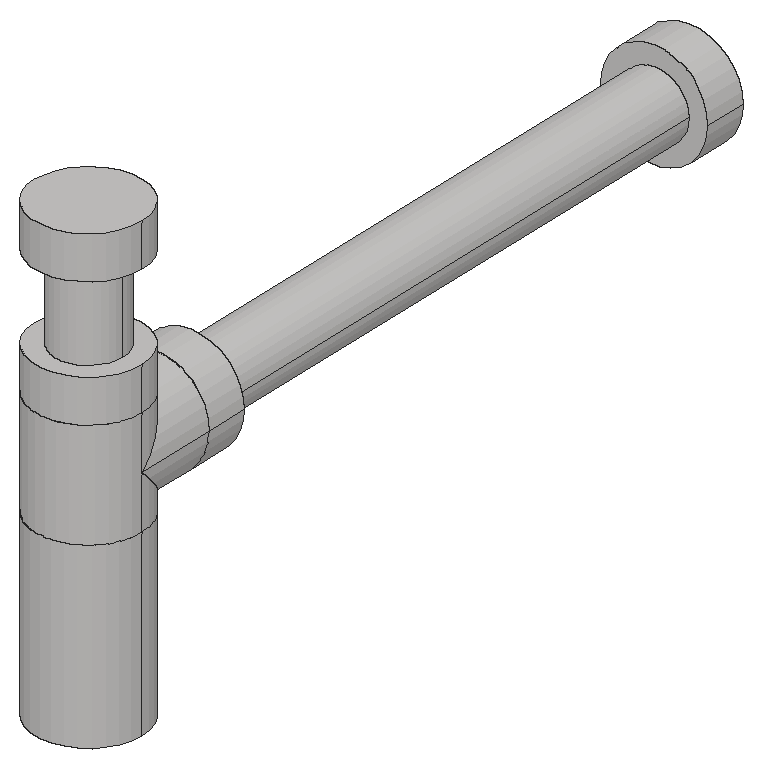
Revit family "A34", category Generic Models, Revit 2021
Family settings
  Can host rebar = No
  Round Connector Dimension = Use Diameter
  Part Type = Normal
  Work Plane-Based = No
  Always vertical = Yes
  Cut with Voids When Loaded = No
  Shared = No
  Room Calculation Point = No
Parameters (values of type "Standard")
  e-mail = "info@vola.com"
  URL = "http://vola.com"
  Telephone = "+45 7023 5500"
  Quality management standard = "ISO 9001"
  Organisation no. / DUNS no. = "17531328"
  Occupational health and safety management standard = "ISO 18001"
  Mounting Instructions = "http://vola.com/service/producturl.ashx?name=A34"
  Model = "A34"
  Materials and components information = "http://vola.com/service/producturl.ashx?name=A34"
  Manufacturer = "VOLA A/S"
  Maintenance Instructions = "http://vola.com/service/producturl.ashx?name=A34"
  Guarantee = "2 years"
  Environmental management standard = "ISO 14000"
  Default Elevation = 0.0000 mm
  Connection - All relevant connections = ""
  Approvals = "http://vola.com/service/producturl.ashx?name=A34"
Reference planes
  plane 1 "Center (Front/Back)": y = 0
  plane 2: z = 0
  plane 3 "Center (Left/Right)": x = 0
Forms (mm)
  Extrusion 1, solid, material "Stainless Steel"
    sketch origin (0, 0, 0) x (1, 0, 0) y (0, 0, 1)
      loop
        circle (0, 0) r 25
    from 0 to 20
  Extrusion 2, solid, material "Stainless Steel"
    sketch origin (0, -20, 0) x (1, 0, 0) y (0, 0, 1)
      loop
        circle (0, 0) r 16
    from 0 to 270.5
  Extrusion 3, solid, material "Stainless Steel"
    sketch origin (0, -290.5, 0) x (1, 0, 0) y (0, 0, 1)
      loop
        circle (0, 0) r 25
    from 20.5 to 59.5
  Extrusion 4, solid, material "Stainless Steel"
    sketch origin (0, 0, 0) x (1, 0, 0) y (0, 1, 0)
      loop
        circle (0, -350) r 25
    from -25 to 25
  Extrusion 5, solid, material "Stainless Steel"
    sketch origin (0, 0, 25) x (1, 0, 0) y (0, 1, 0)
      loop
        circle (0, -350) r 25
    from 0 to 20
  Extrusion 6, solid, material "Stainless Steel"
    sketch origin (0, 0, -25) x (0, 1, 0) y (1, 0, 0)
      loop
        circle (-350, 0) r 25
    from 0 to 85
  Extrusion 7, solid, material "Stainless Steel"
    sketch origin (0, 0, 45) x (1, 0, 0) y (0, 1, 0)
      loop
        circle (0, -350) r 16
    from 0 to 40
  Extrusion 8, solid, material "Stainless Steel"
    sketch origin (0, 0, 85) x (1, 0, 0) y (0, 1, 0)
      loop
        circle (0, -350) r 25
    from 0 to 20
  Extrusion 9, solid, material "Stainless Steel"
    sketch origin (0, -270, 0) x (1, 0, 0) y (0, 0, 1)
      loop
        circle (0, 0) r 25
    from 20.5 to 41
Cuts and joins
  joined: Extrusion 3, Extrusion 4
Dimensions and locks
  aligned and locked: plane 2 to level
  aligned and locked: Extrusion 9 to cut or joined group of Extrusion 3, Extrusion 4
  aligned and locked: Extrusion 9 to Extrusion 2
